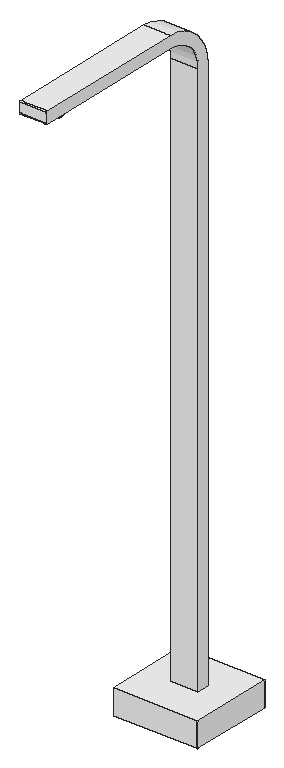
Revit family "Reece_Tap_Mizu_Bloc MK2_Bath Outlet", category Plumbing Fixtures, host Face, Revit 2018
Family settings
  Host = Face
  Round Connector Dimension = Use Diameter
  Part Type = Normal
  Cut with Voids When Loaded = No
  Shared = Yes
  Room Calculation Point = Yes
Parameters (values of type "Chrome")
  WFU = 0  # constant formula
  URL = "https://www.reece.com.au/product/-9508078"
  Type Comments = "Tap"
  Reece_Tap_Reach = 220 mm  # constant formula
  Reece_Tap_Inlet = 12.5 mm  # constant formula
  Reece_Tap_Clearance = 792 mm  # constant formula
  Reece_Product_Web Page = "https://www.reece.com.au/product/-9508078"
  Reece_Product_Type = "Tap"  # constant formula
  Reece_Product_Sub Brand = "Bloc MK2"  # constant formula
  Reece_Product_Number = "9508078"
  Reece_Product_Mount = "Floor Mounted"
  Reece_Product_Description = "Mizu Bloc MK2 Floor Mount Bath Outlet Chrome"
  Reece_Product_Brand = "Mizu"  # constant formula
  Reece_Overall_Width = 110 mm  # constant formula
  Reece_Overall_Projection = 308 mm  # constant formula
  Reece_Overall_Height = 816 mm  # constant formula
  Reece_Material-Main = Reece_Brass_Chrome
  Reece_Detail_Installation = ""
  Reece_Detail_Disclaimer = "THIS FILE IS THE PROPERTY OF THE REECE GROUP. IT MAY NOT BE REPRODUCED, REVERSE-ENGINEERED OR MODIFIED. ANY REPUBLICATION, TRANSMISSION OR DISTRIBUTION FOR THE PURPOSE OF COMMERCIALLY EXPLOITING THE FILES IS PROHIBITED."  # constant formula
  Reece_Detail_Connector = ""
  Reece_Detail_Additional = "Bath Outlet"  # constant formula
  Model = "Bloc MK2"
  Manufacturer = "Mizu"
  Keynote = "Product #9508078, Reece_Tap_Mizu_Bloc MK2_Bath Outlet - Chrome"
  HWFU = 0  # constant formula
  Disclaimer = "THIS FILE IS THE PROPERTY OF THE REECE GROUP. IT MAY NOT BE REPRODUCED, REVERSE-ENGINEERED OR MODIFIED. ANY REPUBLICATION, TRANSMISSION OR DISTRIBUTION FOR THE PURPOSE OF COMMERCIALLY EXPLOITING THE FILES IS PROHIBITED."  # constant formula
  Description = "Mizu Bloc MK2 Floor Mount Bath Outlet Chrome"
  Default Elevation = 1000 mm
  CWFU = 0  # constant formula
Types (3, lengths in mm): name | URL | Reece_Product_Web Page | Reece_Product_Number | Reece_Product_Description | Reece_Material-Main | Keynote | Description
  (no name) | "https://www.reece.com.au/product/-9508078" | "https://www.reece.com.au/product/-9508078" | "9508078" | "Mizu Bloc MK2 Floor Mount Bath Outlet Chrome" | Reece_Brass_Chrome | "Product #9508078, Reece_Tap_Mizu_Bloc MK2_Bath Outlet -  " | "Mizu Bloc MK2 Floor Mount Bath Outlet Chrome"
  Chrome | "https://www.reece.com.au/product/-9508078" | "https://www.reece.com.au/product/-9508078" | "9508078" | "Mizu Bloc MK2 Floor Mount Bath Outlet Chrome" | Reece_Brass_Chrome | "Product #9508078, Reece_Tap_Mizu_Bloc MK2_Bath Outlet - Chrome" | "Mizu Bloc MK2 Floor Mount Bath Outlet Chrome"
  Matte Black | "https://www.reece.com.au/product/-9508092" | "https://www.reece.com.au/product/-9508092" | "9508092" | "Mizu Bloc MK2 Floor Mount Bath Outlet Matte Black" | Reece_Brass_Matte Black | "Product #9508092, Reece_Tap_Mizu_Bloc MK2_Bath Outlet - Matte Black" | "Mizu Bloc MK2 Floor Mount Bath Outlet Matte Black"
Reference planes
  plane 1 "Center (Front/Back)": y = 0
  plane 2 "Bottom": z = 0
  plane 3 "Center (Left/Right)": x = 0
  plane 4: y = 54.828
  plane 5: y = -55
  plane 6 "Top": z = 816
  plane 7: x = -17.819
  plane 8: x = 17.362
  plane 9: z = 792
  plane 10: y = -220
  plane 11: y = -253.172
  plane 12: x = -55.131
  plane 13: x = 54.869
Forms (mm)
  Revolve 1, solid, material "Reece_Brass_Chrome" <- "Reece_Material-Main"
    sketch origin (0, 0, 0) x (0, 1, 0) y (0, 0, 1)
      loop
        line (-231.879, 806.992) -> (-231.879, 795.816)
        arc (-231.879, 795.816) -> (-231.501, 794.904) -> (-230.589, 794.526) r 1.29
        line (-230.589, 794.526) -> (-228.681, 794.526) -> (-228.682, 792.688)
        arc (-228.682, 792.688) -> (-228.481, 792.202) -> (-227.994, 792) r 0.688
        line (-227.994, 792) -> (-226.731, 792) -> (-226.731, 794.526) -> (-219.766, 794.526) -> (-219.766, 806.992) -> (-231.879, 806.992)
      axis (-219.766, 806.992) -> (-219.766, 792)
    angle from 0 to 360
  Extrusion 2, solid, material "Reece_Brass_Chrome" <- "Reece_Material-Main"
    sketch origin (0, 0, 0) x (0, 1, 0) y (0, 0, 1)
      loop
        arc (-50.268, 800.923) -> (-19.892, 788.341) -> (-7.31, 757.965) r 42.958
        line (-7.31, 757.965) -> (-7.31, 16.155) -> (7.767, 16.155) -> (7.768, 757.041)
        arc (7.768, 757.041) -> (-9.5, 798.732) -> (-51.191, 816.001) r 58.959
        line (-51.191, 816.001) -> (-251.809, 816)
        arc (-251.809, 816) -> (-252.773, 815.601) -> (-253.172, 814.637) r 1.363
        line (-253.172, 814.637) -> (-253.172, 802.182)
        arc (-253.172, 802.182) -> (-252.803, 801.292) -> (-251.913, 800.923) r 1.259
        line (-251.913, 800.923) -> (-50.268, 800.923)
    from -17.819 to 17.362
  Extrusion 3, solid, material "Reece_Brass_Chrome" <- "Reece_Material-Main"
    sketch origin (0, 0, 0) x (1, 0, 0) y (0, 1, 0)
      loop
        arc (-54.331, 54.828) -> (-54.897, 54.594) -> (-55.131, 54.028) r 0.8
        line (-55.131, 54.028) -> (-55.131, -54.2)
        arc (-55.131, -54.2) -> (-54.897, -54.766) -> (-54.331, -55) r 0.8
        line (-54.331, -55) -> (54.069, -55)
        arc (54.069, -55) -> (54.635, -54.766) -> (54.869, -54.2) r 0.8
        line (54.869, -54.2) -> (54.869, 54.028)
        arc (54.869, 54.028) -> (54.635, 54.594) -> (54.069, 54.828) r 0.8
        line (54.069, 54.828) -> (-54.331, 54.828)
    from 0 to 31.982
Cuts and joins
  joined: Revolve 1, Extrusion 2, Extrusion 3
Text (mm)
  text "Reece Copyright © 2018, Reece Ltd." at (-562.938, -293.212, 0), in view "Ref. Level"
  text "Reece ©" at (44.384, 258.95, 192.345), in view "Reece Preview"
Dimensions and locks
  plane 8 to plane 7 = 35.181 mm  (x2)
  plane 6 "Top" to plane 2 "Bottom" = 816 mm
  "Reece_Overall_Height": plane 2 "Bottom" to plane 6 "Top"
  "Reece_Tap_Clearance": level to plane 9
  "Reece_Tap_Reach": plane 1 "Center (Front/Back)" to plane 10
  "Reece_Overall_Projection": plane 4 to plane 11
  "Reece_Overall_Width": plane 13 to plane 12
  plane 2 "Bottom" to plane 6 "Top" = 816 mm
  plane 2 "Bottom" to plane 9 = 792 mm
  plane 9 to plane 2 "Bottom" = 792 mm
  plane 12 to plane 13 = 110 mm
  plane 4 to plane 11 = 308 mm
  aligned and locked: plane 2 "Bottom" to host face
  aligned and locked: level to host face
  aligned and locked: plane 9 to Revolve 1 sketch curve
  aligned and locked: plane 11 to Extrusion 2 sketch curve
Automatic sketch dimensions
  host sketch curve to host sketch curve = 380.785 mm
  host sketch curve to host sketch curve = 317.421 mm
  plane 11 to Extrusion 2 sketch curve = 1.259 mm
  plane 6 "Top" to Extrusion 2 sketch curve = 0 mm
  plane 11 to Extrusion 2 sketch curve = 1.363 mm
  Extrusion 2 sketch curve to Extrusion 2 sketch curve = 1.363 mm
  Extrusion 2 sketch curve to plane 6 "Top" = 0.001 mm
  plane 5 to Extrusion 2 sketch curve = 3.809 mm  (x2)
  Extrusion 2 sketch curve to Extrusion 2 sketch curve = 0.923 mm
  plane 1 "Center (Front/Back)" to Extrusion 2 sketch curve = 7.31 mm
  Extrusion 2 sketch curve to plane 1 "Center (Front/Back)" = 7.767 mm
  Extrusion 2 sketch curve to plane 1 "Center (Front/Back)" = 7.768 mm
  plane 9 to Extrusion 2 sketch curve = 34.959 mm
  level to Extrusion 2 sketch curve = 16.155 mm
  Extrusion 2 sketch curve to Extrusion 2 sketch curve = 0.924 mm
  Extrusion 3 sketch curve to plane 12 = 0 mm
  Extrusion 3 sketch curve to plane 5 = 0 mm
  Extrusion 3 sketch curve to plane 4 = 0 mm
  Extrusion 3 sketch curve to plane 13 = 0 mm
  plane 12 to Extrusion 3 sketch curve = 0.8 mm
  Extrusion 3 sketch curve to plane 7 = 36.512 mm
  plane 5 to Extrusion 3 sketch curve = 0.8 mm
  Extrusion 3 sketch curve to Extrusion 3 sketch curve = 0.8 mm
  Revolve 1 sketch curve to plane 10 = 11.879 mm
  Revolve 1 sketch curve to Revolve 1 sketch curve = 1.29 mm
  Revolve 1 sketch curve to plane 9 = 0.688 mm
  Revolve 1 sketch curve to Revolve 1 sketch curve = 1.907 mm
  Revolve 1 sketch curve to Revolve 1 sketch curve = 0.001 mm
  Revolve 1 sketch curve to Revolve 1 sketch curve = 0.688 mm
  Revolve 1 sketch curve to Revolve 1 sketch curve = 1.263 mm
  Revolve 1 sketch curve to Revolve 1 sketch curve = 1.838 mm
  plane 6 "Top" to Revolve 1 sketch curve = 9.008 mm
  plane 10 to Revolve 1 sketch curve = 0.234 mm  (x2)
  Revolve 1 sketch curve to Revolve 1 sketch curve = 22.803 mm
  Revolve 1 sketch curve to Revolve 1 sketch curve = 0 mm
  Revolve 1 sketch curve to Revolve 1 sketch curve = 1.08 mm
Connectors
  piping at (0, 0, 0), diameter 12.5, driven by "Reece_Tap_Inlet"
    settings: on cut or joined group of Revolve 1, Extrusion 2, Extrusion 3, index 1, connector inside diameter 609.6 mm, connector length 0 mm, flow factor 0, pipe flow 0.0 L/s, pressure drop 0.0 Pa, fitting loss kfactor 0, connector angle 0.00°, fixture units 0, engagement length 0 mm, angle of deflection 0.00°, flow configuration 0, flow direction 1, fitting loss method 0, system type 29, joint type 0, gender type 0, connector reference index -1, connector utility 0, adjustable connector no, is connector primary yes, connector description ""
